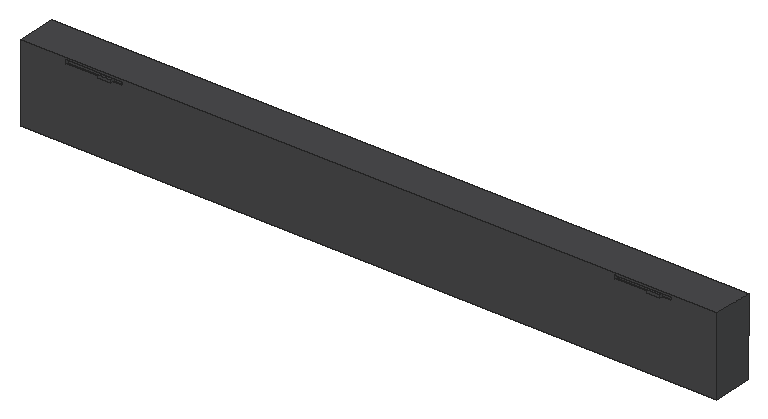
Revit family "DOT BLOCK CEILLING 646_DTSM30W6.1.15", category Luminarias, Revit 2019
Family settings
  Cota de conector redondo = Diámetro de uso
  Tipo de pieza = Normal
  Se basa en plano de trabajo = Sí
  Siempre vertical = Sí
  Corte con vacíos al cargar = No
  Origen de luz = Sí
  Compartido = No
  Punto de cálculo de habitación = No
Parameters (values of type "DOT BLOCK CEILLING 646_DTSM30W6.1.15")
  Ángulo de inclinación = 60.00°
  Zone [instance] = ""
  Watt per fixture = 30
  Wattage = 30 W
  built-in parameter 1150107 = 3000 (stored number, unit not read)
  built-in parameter 1150110 = 1 (stored number, unit not read)
  built-in parameter 1150109 = 1 (stored number, unit not read)
  built-in parameter 1150112 = 1 (stored number, unit not read)
  built-in parameter 1150113 = 1 (stored number, unit not read)
  built-in parameter 1114218 = 1 (stored number, unit not read)
  Keynote = ""
  built-in parameter 1150137 = (empty or 0)
  built-in parameter 1150132 = (empty or 0)
  Modelo = "DTSM30W6.1.15"
  Lámpara = "3030SMD PHILIPS"
  built-in parameter 1150105 = 202.92 (stored number, unit not read)
  built-in parameter 1150102 = (empty or 0)
  built-in parameter 1150106 = 2.0292 (stored number, unit not read)
  Lumens = 2550 lm
  Color Filter = 16777215
  built-in parameter 1114217 = 1 (stored number, unit not read)
  built-in parameter 1150139 = (empty or 0)
  Fabricante = "BRILLANT"
  Default Elevation = 1219.2 mm
  built-in parameter 1150104 = 7.8968 (stored number, unit not read)
  Descripción = "LUMINARIA DOWNLIGHT EN FORMATO RECTANGULAR PARA SOBREPONER DIRECTO EN TECHO, CUERPO DE ALUMINIO ACABADO EN COLOR NEGRO, IP 20, PESO 1.40Kg, TIPO DE LED 3030SMD PHILIPS CON 30W TOTAL, 1400 LUMENES, 85LM/W, IRC 90, TEMPERATURA EN BLANCO CALIDO 3000K, 50 MIL HORAS DE VIDA PROMEDIO, APERTURA DE 15 GRADOS POR PROYECTO, ALIMENTADO A 90-240V"
  built-in parameter 1150115 = 1 (stored number, unit not read)
  built-in parameter 1150114 = 1 (stored number, unit not read)
  Comentarios de vataje = "90-240V"
  built-in parameter 1150138 = (empty or 0)
  built-in parameter 1150134 = (empty or 0)
  Circuit [instance] = ""
  Dimming Lamp Color Temperature Shift = (empty or 0)
  Archivo de red fotométrica = "L646A-30W-830-B-15_IESNA95.IES"
  built-in parameter 1150133 = 10 (stored number, unit not read)
Reference planes
  plane 1 "Centro (Frontal/Posterior)": y = 0
  plane 2: z = 0
  plane 3 "Centro (Izquierda/Derecha)": x = 0
Forms (mm)
  Extrusion 1, solid, material "Default Form", not visible
    sketch origin (0, 0, 0) x (1, 0, 0) y (0, 0, 1)
      loop
        line (-473, 0) -> (-473, -72) -> (473, -72) -> (473, 0) -> (-473, 0)
    from -18.326 to 18.326
  Blend 2, void, not visible
    base sketch origin (-293.63, 0, 0) x (1, 0, 0) y (0, 1, 0)
      loop
        line (-162, 16.149) -> (-162, -16.149) -> (-144.14, -16.149) -> (-144.14, 16.149) -> (-162, 16.149)
    top sketch origin (-293.63, 0, 0) x (1, 0, 0) y (0, 1, 0)
      loop
        line (-160, 12.149) -> (-160, -12.149) -> (-146.14, -12.149) -> (-146.14, 12.149) -> (-160, 12.149)
    from -72 to -61.591
  Blend 3, void, not visible
    base sketch origin (-267.33, 0, 0) x (1, 0, 0) y (0, 1, 0)
      loop
        line (-162, 16.149) -> (-162, -16.149) -> (-144.14, -16.149) -> (-144.14, 16.149) -> (-162, 16.149)
    top sketch origin (-267.33, 0, 0) x (1, 0, 0) y (0, 1, 0)
      loop
        line (-160, 12.149) -> (-160, -12.149) -> (-146.14, -12.149) -> (-146.14, 12.149) -> (-160, 12.149)
    from -72 to -61.591
  Blend 4, void, not visible
    base sketch origin (-241.03, 0, 0) x (1, 0, 0) y (0, 1, 0)
      loop
        line (-162, 16.149) -> (-162, -16.149) -> (-144.14, -16.149) -> (-144.14, 16.149) -> (-162, 16.149)
    top sketch origin (-241.03, 0, 0) x (1, 0, 0) y (0, 1, 0)
      loop
        line (-160, 12.149) -> (-160, -12.149) -> (-146.14, -12.149) -> (-146.14, 12.149) -> (-160, 12.149)
    from -72 to -61.591
  Blend 5, void, not visible
    base sketch origin (-214.73, 0, 0) x (1, 0, 0) y (0, 1, 0)
      loop
        line (-162, 16.149) -> (-162, -16.149) -> (-144.14, -16.149) -> (-144.14, 16.149) -> (-162, 16.149)
    top sketch origin (-214.73, 0, 0) x (1, 0, 0) y (0, 1, 0)
      loop
        line (-160, 12.149) -> (-160, -12.149) -> (-146.14, -12.149) -> (-146.14, 12.149) -> (-160, 12.149)
    from -72 to -61.591
  Blend 6, void, not visible
    base sketch origin (-188.43, 0, 0) x (1, 0, 0) y (0, 1, 0)
      loop
        line (-162, 16.149) -> (-162, -16.149) -> (-144.14, -16.149) -> (-144.14, 16.149) -> (-162, 16.149)
    top sketch origin (-188.43, 0, 0) x (1, 0, 0) y (0, 1, 0)
      loop
        line (-160, 12.149) -> (-160, -12.149) -> (-146.14, -12.149) -> (-146.14, 12.149) -> (-160, 12.149)
    from -72 to -61.591
  Blend 7, void, not visible
    base sketch origin (-162.13, 0, 0) x (1, 0, 0) y (0, 1, 0)
      loop
        line (-162, 16.149) -> (-162, -16.149) -> (-144.14, -16.149) -> (-144.14, 16.149) -> (-162, 16.149)
    top sketch origin (-162.13, 0, 0) x (1, 0, 0) y (0, 1, 0)
      loop
        line (-160, 12.149) -> (-160, -12.149) -> (-146.14, -12.149) -> (-146.14, 12.149) -> (-160, 12.149)
    from -72 to -61.591
  Blend 8, void, not visible
    base sketch origin (-135.83, 0, 0) x (1, 0, 0) y (0, 1, 0)
      loop
        line (-162, 16.149) -> (-162, -16.149) -> (-144.14, -16.149) -> (-144.14, 16.149) -> (-162, 16.149)
    top sketch origin (-135.83, 0, 0) x (1, 0, 0) y (0, 1, 0)
      loop
        line (-160, 12.149) -> (-160, -12.149) -> (-146.14, -12.149) -> (-146.14, 12.149) -> (-160, 12.149)
    from -72 to -61.591
  Blend 9, void, not visible
    base sketch origin (-109.53, 0, 0) x (1, 0, 0) y (0, 1, 0)
      loop
        line (-162, 16.149) -> (-162, -16.149) -> (-144.14, -16.149) -> (-144.14, 16.149) -> (-162, 16.149)
    top sketch origin (-109.53, 0, 0) x (1, 0, 0) y (0, 1, 0)
      loop
        line (-160, 12.149) -> (-160, -12.149) -> (-146.14, -12.149) -> (-146.14, 12.149) -> (-160, 12.149)
    from -72 to -61.591
  Blend 10, void, not visible
    base sketch origin (-83.23, 0, 0) x (1, 0, 0) y (0, 1, 0)
      loop
        line (-162, 16.149) -> (-162, -16.149) -> (-144.14, -16.149) -> (-144.14, 16.149) -> (-162, 16.149)
    top sketch origin (-83.23, 0, 0) x (1, 0, 0) y (0, 1, 0)
      loop
        line (-160, 12.149) -> (-160, -12.149) -> (-146.14, -12.149) -> (-146.14, 12.149) -> (-160, 12.149)
    from -72 to -61.591
  Blend 11, void, not visible
    base sketch origin (-56.93, 0, 0) x (1, 0, 0) y (0, 1, 0)
      loop
        line (-162, 16.149) -> (-162, -16.149) -> (-144.14, -16.149) -> (-144.14, 16.149) -> (-162, 16.149)
    top sketch origin (-56.93, 0, 0) x (1, 0, 0) y (0, 1, 0)
      loop
        line (-160, 12.149) -> (-160, -12.149) -> (-146.14, -12.149) -> (-146.14, 12.149) -> (-160, 12.149)
    from -72 to -61.591
  Blend 12, void, not visible
    base sketch origin (-30.63, 0, 0) x (1, 0, 0) y (0, 1, 0)
      loop
        line (-162, 16.149) -> (-162, -16.149) -> (-144.14, -16.149) -> (-144.14, 16.149) -> (-162, 16.149)
    top sketch origin (-30.63, 0, 0) x (1, 0, 0) y (0, 1, 0)
      loop
        line (-160, 12.149) -> (-160, -12.149) -> (-146.14, -12.149) -> (-146.14, 12.149) -> (-160, 12.149)
    from -72 to -61.591
  Blend 13, void, not visible
    base sketch origin (-4.33, 0, 0) x (1, 0, 0) y (0, 1, 0)
      loop
        line (-162, 16.149) -> (-162, -16.149) -> (-144.14, -16.149) -> (-144.14, 16.149) -> (-162, 16.149)
    top sketch origin (-4.33, 0, 0) x (1, 0, 0) y (0, 1, 0)
      loop
        line (-160, 12.149) -> (-160, -12.149) -> (-146.14, -12.149) -> (-146.14, 12.149) -> (-160, 12.149)
    from -72 to -61.591
  Blend 14, void, not visible
    base sketch origin (21.97, 0, 0) x (1, 0, 0) y (0, 1, 0)
      loop
        line (-162, 16.149) -> (-162, -16.149) -> (-144.14, -16.149) -> (-144.14, 16.149) -> (-162, 16.149)
    top sketch origin (21.97, 0, 0) x (1, 0, 0) y (0, 1, 0)
      loop
        line (-160, 12.149) -> (-160, -12.149) -> (-146.14, -12.149) -> (-146.14, 12.149) -> (-160, 12.149)
    from -72 to -61.591
  Blend 15, void, not visible
    base sketch origin (48.27, 0, 0) x (1, 0, 0) y (0, 1, 0)
      loop
        line (-162, 16.149) -> (-162, -16.149) -> (-144.14, -16.149) -> (-144.14, 16.149) -> (-162, 16.149)
    top sketch origin (48.27, 0, 0) x (1, 0, 0) y (0, 1, 0)
      loop
        line (-160, 12.149) -> (-160, -12.149) -> (-146.14, -12.149) -> (-146.14, 12.149) -> (-160, 12.149)
    from -72 to -61.591
  Blend 16, void, not visible
    base sketch origin (74.57, 0, 0) x (1, 0, 0) y (0, 1, 0)
      loop
        line (-162, 16.149) -> (-162, -16.149) -> (-144.14, -16.149) -> (-144.14, 16.149) -> (-162, 16.149)
    top sketch origin (74.57, 0, 0) x (1, 0, 0) y (0, 1, 0)
      loop
        line (-160, 12.149) -> (-160, -12.149) -> (-146.14, -12.149) -> (-146.14, 12.149) -> (-160, 12.149)
    from -72 to -61.591
  Blend 17, void, not visible
    base sketch origin (100.87, 0, 0) x (1, 0, 0) y (0, 1, 0)
      loop
        line (-162, 16.149) -> (-162, -16.149) -> (-144.14, -16.149) -> (-144.14, 16.149) -> (-162, 16.149)
    top sketch origin (100.87, 0, 0) x (1, 0, 0) y (0, 1, 0)
      loop
        line (-160, 12.149) -> (-160, -12.149) -> (-146.14, -12.149) -> (-146.14, 12.149) -> (-160, 12.149)
    from -72 to -61.591
  Blend 18, void, not visible
    base sketch origin (127.17, 0, 0) x (1, 0, 0) y (0, 1, 0)
      loop
        line (-162, 16.149) -> (-162, -16.149) -> (-144.14, -16.149) -> (-144.14, 16.149) -> (-162, 16.149)
    top sketch origin (127.17, 0, 0) x (1, 0, 0) y (0, 1, 0)
      loop
        line (-160, 12.149) -> (-160, -12.149) -> (-146.14, -12.149) -> (-146.14, 12.149) -> (-160, 12.149)
    from -72 to -61.591
  Blend 19, void, not visible
    base sketch origin (153.47, 0, 0) x (1, 0, 0) y (0, 1, 0)
      loop
        line (-162, 16.149) -> (-162, -16.149) -> (-144.14, -16.149) -> (-144.14, 16.149) -> (-162, 16.149)
    top sketch origin (153.47, 0, 0) x (1, 0, 0) y (0, 1, 0)
      loop
        line (-160, 12.149) -> (-160, -12.149) -> (-146.14, -12.149) -> (-146.14, 12.149) -> (-160, 12.149)
    from -72 to -61.591
  Blend 20, void, not visible
    base sketch origin (179.77, 0, 0) x (1, 0, 0) y (0, 1, 0)
      loop
        line (-162, 16.149) -> (-162, -16.149) -> (-144.14, -16.149) -> (-144.14, 16.149) -> (-162, 16.149)
    top sketch origin (179.77, 0, 0) x (1, 0, 0) y (0, 1, 0)
      loop
        line (-160, 12.149) -> (-160, -12.149) -> (-146.14, -12.149) -> (-146.14, 12.149) -> (-160, 12.149)
    from -72 to -61.591
  Blend 21, void, not visible
    base sketch origin (206.07, 0, 0) x (1, 0, 0) y (0, 1, 0)
      loop
        line (-162, 16.149) -> (-162, -16.149) -> (-144.14, -16.149) -> (-144.14, 16.149) -> (-162, 16.149)
    top sketch origin (206.07, 0, 0) x (1, 0, 0) y (0, 1, 0)
      loop
        line (-160, 12.149) -> (-160, -12.149) -> (-146.14, -12.149) -> (-146.14, 12.149) -> (-160, 12.149)
    from -72 to -61.591
  Blend 22, void, not visible
    base sketch origin (232.37, 0, 0) x (1, 0, 0) y (0, 1, 0)
      loop
        line (-162, 16.149) -> (-162, -16.149) -> (-144.14, -16.149) -> (-144.14, 16.149) -> (-162, 16.149)
    top sketch origin (232.37, 0, 0) x (1, 0, 0) y (0, 1, 0)
      loop
        line (-160, 12.149) -> (-160, -12.149) -> (-146.14, -12.149) -> (-146.14, 12.149) -> (-160, 12.149)
    from -72 to -61.591
  Blend 23, void, not visible
    base sketch origin (258.67, 0, 0) x (1, 0, 0) y (0, 1, 0)
      loop
        line (-162, 16.149) -> (-162, -16.149) -> (-144.14, -16.149) -> (-144.14, 16.149) -> (-162, 16.149)
    top sketch origin (258.67, 0, 0) x (1, 0, 0) y (0, 1, 0)
      loop
        line (-160, 12.149) -> (-160, -12.149) -> (-146.14, -12.149) -> (-146.14, 12.149) -> (-160, 12.149)
    from -72 to -61.591
  Blend 24, void, not visible
    base sketch origin (284.97, 0, 0) x (1, 0, 0) y (0, 1, 0)
      loop
        line (-162, 16.149) -> (-162, -16.149) -> (-144.14, -16.149) -> (-144.14, 16.149) -> (-162, 16.149)
    top sketch origin (284.97, 0, 0) x (1, 0, 0) y (0, 1, 0)
      loop
        line (-160, 12.149) -> (-160, -12.149) -> (-146.14, -12.149) -> (-146.14, 12.149) -> (-160, 12.149)
    from -72 to -61.591
  Blend 25, void, not visible
    base sketch origin (311.27, 0, 0) x (1, 0, 0) y (0, 1, 0)
      loop
        line (-162, 16.149) -> (-162, -16.149) -> (-144.14, -16.149) -> (-144.14, 16.149) -> (-162, 16.149)
    top sketch origin (311.27, 0, 0) x (1, 0, 0) y (0, 1, 0)
      loop
        line (-160, 12.149) -> (-160, -12.149) -> (-146.14, -12.149) -> (-146.14, 12.149) -> (-160, 12.149)
    from -72 to -61.591
  Blend 26, void, not visible
    base sketch origin (337.57, 0, 0) x (1, 0, 0) y (0, 1, 0)
      loop
        line (-162, 16.149) -> (-162, -16.149) -> (-144.14, -16.149) -> (-144.14, 16.149) -> (-162, 16.149)
    top sketch origin (337.57, 0, 0) x (1, 0, 0) y (0, 1, 0)
      loop
        line (-160, 12.149) -> (-160, -12.149) -> (-146.14, -12.149) -> (-146.14, 12.149) -> (-160, 12.149)
    from -72 to -61.591
  Blend 27, void, not visible
    base sketch origin (363.87, 0, 0) x (1, 0, 0) y (0, 1, 0)
      loop
        line (-162, 16.149) -> (-162, -16.149) -> (-144.14, -16.149) -> (-144.14, 16.149) -> (-162, 16.149)
    top sketch origin (363.87, 0, 0) x (1, 0, 0) y (0, 1, 0)
      loop
        line (-160, 12.149) -> (-160, -12.149) -> (-146.14, -12.149) -> (-146.14, 12.149) -> (-160, 12.149)
    from -72 to -61.591
  Blend 28, void, not visible
    base sketch origin (390.17, 0, 0) x (1, 0, 0) y (0, 1, 0)
      loop
        line (-162, 16.149) -> (-162, -16.149) -> (-144.14, -16.149) -> (-144.14, 16.149) -> (-162, 16.149)
    top sketch origin (390.17, 0, 0) x (1, 0, 0) y (0, 1, 0)
      loop
        line (-160, 12.149) -> (-160, -12.149) -> (-146.14, -12.149) -> (-146.14, 12.149) -> (-160, 12.149)
    from -72 to -61.591
  Blend 29, void, not visible
    base sketch origin (416.47, 0, 0) x (1, 0, 0) y (0, 1, 0)
      loop
        line (-162, 16.149) -> (-162, -16.149) -> (-144.14, -16.149) -> (-144.14, 16.149) -> (-162, 16.149)
    top sketch origin (416.47, 0, 0) x (1, 0, 0) y (0, 1, 0)
      loop
        line (-160, 12.149) -> (-160, -12.149) -> (-146.14, -12.149) -> (-146.14, 12.149) -> (-160, 12.149)
    from -72 to -61.591
  Blend 30, void, not visible
    base sketch origin (442.77, 0, 0) x (1, 0, 0) y (0, 1, 0)
      loop
        line (-162, 16.149) -> (-162, -16.149) -> (-144.14, -16.149) -> (-144.14, 16.149) -> (-162, 16.149)
    top sketch origin (442.77, 0, 0) x (1, 0, 0) y (0, 1, 0)
      loop
        line (-160, 12.149) -> (-160, -12.149) -> (-146.14, -12.149) -> (-146.14, 12.149) -> (-160, 12.149)
    from -72 to -61.591
  Blend 31, void, not visible
    base sketch origin (469.07, 0, 0) x (1, 0, 0) y (0, 1, 0)
      loop
        line (-162, 16.149) -> (-162, -16.149) -> (-144.14, -16.149) -> (-144.14, 16.149) -> (-162, 16.149)
    top sketch origin (469.07, 0, 0) x (1, 0, 0) y (0, 1, 0)
      loop
        line (-160, 12.149) -> (-160, -12.149) -> (-146.14, -12.149) -> (-146.14, 12.149) -> (-160, 12.149)
    from -72 to -61.591
  Blend 32, void, not visible
    base sketch origin (495.37, 0, 0) x (1, 0, 0) y (0, 1, 0)
      loop
        line (-162, 16.149) -> (-162, -16.149) -> (-144.14, -16.149) -> (-144.14, 16.149) -> (-162, 16.149)
    top sketch origin (495.37, 0, 0) x (1, 0, 0) y (0, 1, 0)
      loop
        line (-160, 12.149) -> (-160, -12.149) -> (-146.14, -12.149) -> (-146.14, 12.149) -> (-160, 12.149)
    from -72 to -61.591
  Blend 33, void, not visible
    base sketch origin (521.67, 0, 0) x (1, 0, 0) y (0, 1, 0)
      loop
        line (-162, 16.149) -> (-162, -16.149) -> (-144.14, -16.149) -> (-144.14, 16.149) -> (-162, 16.149)
    top sketch origin (521.67, 0, 0) x (1, 0, 0) y (0, 1, 0)
      loop
        line (-160, 12.149) -> (-160, -12.149) -> (-146.14, -12.149) -> (-146.14, 12.149) -> (-160, 12.149)
    from -72 to -61.591
  Blend 34, void, not visible
    base sketch origin (547.97, 0, 0) x (1, 0, 0) y (0, 1, 0)
      loop
        line (-162, 16.149) -> (-162, -16.149) -> (-144.14, -16.149) -> (-144.14, 16.149) -> (-162, 16.149)
    top sketch origin (547.97, 0, 0) x (1, 0, 0) y (0, 1, 0)
      loop
        line (-160, 12.149) -> (-160, -12.149) -> (-146.14, -12.149) -> (-146.14, 12.149) -> (-160, 12.149)
    from -72 to -61.591
  Blend 35, void, not visible
    base sketch origin (574.27, 0, 0) x (1, 0, 0) y (0, 1, 0)
      loop
        line (-162, 16.149) -> (-162, -16.149) -> (-144.14, -16.149) -> (-144.14, 16.149) -> (-162, 16.149)
    top sketch origin (574.27, 0, 0) x (1, 0, 0) y (0, 1, 0)
      loop
        line (-160, 12.149) -> (-160, -12.149) -> (-146.14, -12.149) -> (-146.14, 12.149) -> (-160, 12.149)
    from -72 to -61.591
  Blend 36, void, not visible
    base sketch origin (600.57, 0, 0) x (1, 0, 0) y (0, 1, 0)
      loop
        line (-162, 16.149) -> (-162, -16.149) -> (-144.14, -16.149) -> (-144.14, 16.149) -> (-162, 16.149)
    top sketch origin (600.57, 0, 0) x (1, 0, 0) y (0, 1, 0)
      loop
        line (-160, 12.149) -> (-160, -12.149) -> (-146.14, -12.149) -> (-146.14, 12.149) -> (-160, 12.149)
    from -72 to -61.591
  Extrusion 37, solid, not visible
    sketch origin (-463.861, 0, 3.217) x (0, -1, 0) y (0, 0, -1)
      loop
        line (18.326, 3.217) -> (-18.326, 3.217) -> (-18.326, 73.917) -> (-32.183, 73.917) -> (-32.183, 72.617) -> (-19.626, 72.617) -> (-19.626, 1.917) -> (19.626, 1.917) -> (19.626, 72.617) -> (32.183, 72.617) -> (32.183, 73.917) -> (18.326, 73.917) -> (18.326, 3.217)
    from 89.098 to 128.24
  Extrusion 38, solid, not visible
    sketch origin (-246.523, 0, 3.217) x (0, -1, 0) y (0, 0, 1)
      loop
        line (-19.626, -1.917) -> (19.626, -1.917) -> (19.626, -63.89) -> (20.426, -63.89) -> (20.426, -1.117) -> (-20.426, -1.117) -> (-20.426, -63.89) -> (-19.626, -63.89) -> (-19.626, -1.917)
    from 122.954 to 124.098
  Extrusion 39, solid, not visible
    sketch origin (-463.861, 0, 3.217) x (0, -1, 0) y (0, 0, -1)
      loop
        line (-19.626, 1.917) -> (-19.626, 63.89) -> (-20.426, 63.89) -> (-20.426, 1.117) -> (20.426, 1.117) -> (20.426, 63.89) -> (19.626, 63.89) -> (19.626, 1.917) -> (-19.626, 1.917)
    from 122.954 to 124.098
  Extrusion 40, void, not visible
    sketch origin (0, 0, 0) x (1, 0, 0) y (0, 1, 0)
      loop
        circle (-363.799, -25.904) r 2.055
      loop
        circle (-346.585, -25.904) r 2.055
      loop
        circle (-363.799, 25.904) r 2.055
      loop
        circle (-346.585, 25.904) r 2.055
    from -70.7 to -69.4
  Blend 41, void
    base sketch origin (74.57, 130.851, 72) x (1, 0, 0) y (0, 1, 0)
      loop
        line (-162, -147) -> (-144.14, -147) -> (-144.14, -114.702) -> (-162, -114.702) -> (-162, -147)
    top sketch origin (74.57, 130.851, 72) x (1, 0, 0) y (0, 1, 0)
      loop
        line (-160, -143) -> (-146.14, -143) -> (-146.14, -118.702) -> (-160, -118.702) -> (-160, -143)
    from -72 to -61.591
  Blend 42, void
    base sketch origin (100.87, 130.851, 72) x (1, 0, 0) y (0, 1, 0)
      loop
        line (-162, -147) -> (-144.14, -147) -> (-144.14, -114.702) -> (-162, -114.702) -> (-162, -147)
    top sketch origin (100.87, 130.851, 72) x (1, 0, 0) y (0, 1, 0)
      loop
        line (-160, -143) -> (-146.14, -143) -> (-146.14, -118.702) -> (-160, -118.702) -> (-160, -143)
    from -72 to -61.591
  Blend 43, void
    base sketch origin (127.17, 130.851, 72) x (1, 0, 0) y (0, 1, 0)
      loop
        line (-162, -147) -> (-144.14, -147) -> (-144.14, -114.702) -> (-162, -114.702) -> (-162, -147)
    top sketch origin (127.17, 130.851, 72) x (1, 0, 0) y (0, 1, 0)
      loop
        line (-160, -143) -> (-146.14, -143) -> (-146.14, -118.702) -> (-160, -118.702) -> (-160, -143)
    from -72 to -61.591
  Blend 44, void
    base sketch origin (153.47, 130.851, 72) x (1, 0, 0) y (0, 1, 0)
      loop
        line (-162, -147) -> (-144.14, -147) -> (-144.14, -114.702) -> (-162, -114.702) -> (-162, -147)
    top sketch origin (153.47, 130.851, 72) x (1, 0, 0) y (0, 1, 0)
      loop
        line (-160, -143) -> (-146.14, -143) -> (-146.14, -118.702) -> (-160, -118.702) -> (-160, -143)
    from -72 to -61.591
  Blend 45, void
    base sketch origin (179.77, 130.851, 72) x (1, 0, 0) y (0, 1, 0)
      loop
        line (-162, -147) -> (-144.14, -147) -> (-144.14, -114.702) -> (-162, -114.702) -> (-162, -147)
    top sketch origin (179.77, 130.851, 72) x (1, 0, 0) y (0, 1, 0)
      loop
        line (-160, -143) -> (-146.14, -143) -> (-146.14, -118.702) -> (-160, -118.702) -> (-160, -143)
    from -72 to -61.591
  Blend 46, void
    base sketch origin (206.07, 130.851, 72) x (1, 0, 0) y (0, 1, 0)
      loop
        line (-162, -147) -> (-144.14, -147) -> (-144.14, -114.702) -> (-162, -114.702) -> (-162, -147)
    top sketch origin (206.07, 130.851, 72) x (1, 0, 0) y (0, 1, 0)
      loop
        line (-160, -143) -> (-146.14, -143) -> (-146.14, -118.702) -> (-160, -118.702) -> (-160, -143)
    from -72 to -61.591
  Blend 47, void
    base sketch origin (232.37, 130.851, 72) x (1, 0, 0) y (0, 1, 0)
      loop
        line (-162, -147) -> (-144.14, -147) -> (-144.14, -114.702) -> (-162, -114.702) -> (-162, -147)
    top sketch origin (232.37, 130.851, 72) x (1, 0, 0) y (0, 1, 0)
      loop
        line (-160, -143) -> (-146.14, -143) -> (-146.14, -118.702) -> (-160, -118.702) -> (-160, -143)
    from -72 to -61.591
  Extrusion 48, solid, material "Default Form"
    sketch origin (0, 0, 72) x (1, 0, 0) y (0, 0, -1)
      loop
        line (-323, 0) -> (323, 0) -> (323, 72) -> (-323, 72) -> (-323, 0)
    from -18.326 to 18.326
  Blend 49, void
    base sketch origin (258.67, 130.851, 72) x (1, 0, 0) y (0, 1, 0)
      loop
        line (-162, -147) -> (-144.14, -147) -> (-144.14, -114.702) -> (-162, -114.702) -> (-162, -147)
    top sketch origin (258.67, 130.851, 72) x (1, 0, 0) y (0, 1, 0)
      loop
        line (-160, -143) -> (-146.14, -143) -> (-146.14, -118.702) -> (-160, -118.702) -> (-160, -143)
    from -72 to -61.591
  Blend 50, void
    base sketch origin (284.97, 130.851, 72) x (1, 0, 0) y (0, 1, 0)
      loop
        line (-162, -147) -> (-144.14, -147) -> (-144.14, -114.702) -> (-162, -114.702) -> (-162, -147)
    top sketch origin (284.97, 130.851, 72) x (1, 0, 0) y (0, 1, 0)
      loop
        line (-160, -143) -> (-146.14, -143) -> (-146.14, -118.702) -> (-160, -118.702) -> (-160, -143)
    from -72 to -61.591
  Blend 51, void
    base sketch origin (21.97, 130.851, 72) x (1, 0, 0) y (0, 1, 0)
      loop
        line (-162, -147) -> (-144.14, -147) -> (-144.14, -114.702) -> (-162, -114.702) -> (-162, -147)
    top sketch origin (21.97, 130.851, 72) x (1, 0, 0) y (0, 1, 0)
      loop
        line (-160, -143) -> (-146.14, -143) -> (-146.14, -118.702) -> (-160, -118.702) -> (-160, -143)
    from -72 to -61.591
  Blend 52, void
    base sketch origin (48.27, 130.851, 72) x (1, 0, 0) y (0, 1, 0)
      loop
        line (-162, -147) -> (-144.14, -147) -> (-144.14, -114.702) -> (-162, -114.702) -> (-162, -147)
    top sketch origin (48.27, 130.851, 72) x (1, 0, 0) y (0, 1, 0)
      loop
        line (-160, -143) -> (-146.14, -143) -> (-146.14, -118.702) -> (-160, -118.702) -> (-160, -143)
    from -72 to -61.591
  Extrusion 53, void
    sketch origin (-158.75, 0, 0) x (1, 0, 0) y (0, 1, 0)
      loop
        line (-122.17, -18.326) -> (-69.57, -18.326) -> (-69.57, -16.149) -> (-122.17, -16.149) -> (-122.17, -18.326)
      loop
        line (-122.17, 18.326) -> (-122.17, 16.149) -> (-69.57, 16.149) -> (-69.57, 18.326) -> (-122.17, 18.326)
    from 66.852 to 70.535
  Extrusion 54, solid, material "Default Form"
    sketch origin (125, 0, 0) x (1, 0, 0) y (0, 1, 0)
      loop
        line (146.935, -16.149) -> (145.601, -16.149) -> (145.601, -18.326) -> (135.101, -18.326) -> (135.101, -20.238) -> (146.935, -20.238) -> (146.935, -16.149)
      loop
        line (146.935, 16.149) -> (146.935, 20.238) -> (135.101, 20.238) -> (135.101, 18.326) -> (145.601, 18.326) -> (145.601, 16.149) -> (146.935, 16.149)
      loop
        line (-362.305, -16.149) -> (-363.639, -16.149) -> (-363.639, -18.326) -> (-374.139, -18.326) -> (-374.139, -20.238) -> (-362.305, -20.238) -> (-362.305, -16.149)
      loop
        line (-362.305, 16.149) -> (-362.305, 20.238) -> (-374.139, 20.238) -> (-374.139, 18.326) -> (-363.639, 18.326) -> (-363.639, 16.149) -> (-362.305, 16.149)
    from 67.466 to 69.773
  Extrusion 55, void
    sketch origin (158.75, 0, 0) x (-1, 0, 0) y (0, -1, 0)
      loop
        line (-122.17, 18.326) -> (-122.17, 16.149) -> (-69.57, 16.149) -> (-69.57, 18.326) -> (-122.17, 18.326)
      loop
        line (-122.17, -18.326) -> (-69.57, -18.326) -> (-69.57, -16.149) -> (-122.17, -16.149) -> (-122.17, -18.326)
    from 66.852 to 70.535
  Blend 56, void
    base sketch origin (311.27, 130.851, 72) x (1, 0, 0) y (0, 1, 0)
      loop
        line (-162, -147) -> (-144.14, -147) -> (-144.14, -114.702) -> (-162, -114.702) -> (-162, -147)
    top sketch origin (311.27, 130.851, 72) x (1, 0, 0) y (0, 1, 0)
      loop
        line (-160, -143) -> (-146.14, -143) -> (-146.14, -118.702) -> (-160, -118.702) -> (-160, -143)
    from -72 to -61.591
  Blend 57, void
    base sketch origin (337.57, 130.851, 72) x (1, 0, 0) y (0, 1, 0)
      loop
        line (-162, -147) -> (-144.14, -147) -> (-144.14, -114.702) -> (-162, -114.702) -> (-162, -147)
    top sketch origin (337.57, 130.851, 72) x (1, 0, 0) y (0, 1, 0)
      loop
        line (-160, -143) -> (-146.14, -143) -> (-146.14, -118.702) -> (-160, -118.702) -> (-160, -143)
    from -72 to -61.591
  Blend 58, void
    base sketch origin (363.87, 130.851, 72) x (1, 0, 0) y (0, 1, 0)
      loop
        line (-162, -147) -> (-144.14, -147) -> (-144.14, -114.702) -> (-162, -114.702) -> (-162, -147)
    top sketch origin (363.87, 130.851, 72) x (1, 0, 0) y (0, 1, 0)
      loop
        line (-160, -143) -> (-146.14, -143) -> (-146.14, -118.702) -> (-160, -118.702) -> (-160, -143)
    from -72 to -61.591
  Blend 59, void
    base sketch origin (390.17, 130.851, 72) x (1, 0, 0) y (0, 1, 0)
      loop
        line (-162, -147) -> (-144.14, -147) -> (-144.14, -114.702) -> (-162, -114.702) -> (-162, -147)
    top sketch origin (390.17, 130.851, 72) x (1, 0, 0) y (0, 1, 0)
      loop
        line (-160, -143) -> (-146.14, -143) -> (-146.14, -118.702) -> (-160, -118.702) -> (-160, -143)
    from -72 to -61.591
  Blend 60, void
    base sketch origin (-30.63, 130.851, 72) x (1, 0, 0) y (0, 1, 0)
      loop
        line (-162, -147) -> (-144.14, -147) -> (-144.14, -114.702) -> (-162, -114.702) -> (-162, -147)
    top sketch origin (-30.63, 130.851, 72) x (1, 0, 0) y (0, 1, 0)
      loop
        line (-160, -143) -> (-146.14, -143) -> (-146.14, -118.702) -> (-160, -118.702) -> (-160, -143)
    from -72 to -61.591
  Blend 61, void
    base sketch origin (-4.33, 130.851, 72) x (1, 0, 0) y (0, 1, 0)
      loop
        line (-162, -147) -> (-144.14, -147) -> (-144.14, -114.702) -> (-162, -114.702) -> (-162, -147)
    top sketch origin (-4.33, 130.851, 72) x (1, 0, 0) y (0, 1, 0)
      loop
        line (-160, -143) -> (-146.14, -143) -> (-146.14, -118.702) -> (-160, -118.702) -> (-160, -143)
    from -72 to -61.591
  Blend 62, void
    base sketch origin (-83.23, 130.851, 72) x (1, 0, 0) y (0, 1, 0)
      loop
        line (-162, -147) -> (-144.14, -147) -> (-144.14, -114.702) -> (-162, -114.702) -> (-162, -147)
    top sketch origin (-83.23, 130.851, 72) x (1, 0, 0) y (0, 1, 0)
      loop
        line (-160, -143) -> (-146.14, -143) -> (-146.14, -118.702) -> (-160, -118.702) -> (-160, -143)
    from -72 to -61.591
  Blend 63, void
    base sketch origin (-56.93, 130.851, 72) x (1, 0, 0) y (0, 1, 0)
      loop
        line (-162, -147) -> (-144.14, -147) -> (-144.14, -114.702) -> (-162, -114.702) -> (-162, -147)
    top sketch origin (-56.93, 130.851, 72) x (1, 0, 0) y (0, 1, 0)
      loop
        line (-160, -143) -> (-146.14, -143) -> (-146.14, -118.702) -> (-160, -118.702) -> (-160, -143)
    from -72 to -61.591
Cuts and joins
  Blend 41, Blend 42, Blend 43, Blend 44, Blend 45, Blend 46, Blend 47, Blend 49, Blend 50, Blend 51, Blend 52, Extrusion 53, Extrusion 55, Blend 56, Blend 57, Blend 58, Blend 59, Blend 60, Blend 61, Blend 62, Blend 63 cuts Extrusion 48
  Extrusion 55 cuts Extrusion 54
Dimensions and locks
  cut or joined group 1 (Blend 41, Blend 42, Blend 43, Blend 44, Blend 45, Blend 46, Blend 47, Extrusion 48, Blend 49, Blend 50, Blend 51, Blend 52, Extrusion 53, Extrusion 55, Blend 56, Blend 57, Blend 58, Blend 59, Blend 60, Blend 61, Blend 62, Blend 63) to cut or joined group 1 = 72 mm  (x2)
  cut or joined group 1 to cut or joined group 1 = 36.651 mm
  cut or joined group 1 to cut or joined group 1 = 646 mm
  cut or joined group 1 to cut or joined group 1 = 42.08 mm  (x2)
  aligned and locked: level to plane 2
Connectors
  electrical at (0, 0, 72)
    settings: on cut or joined group 1, index 1, voltage 0 V, apparent load 0 VA, apparent load phase1 0 VA, apparent load phase2 0 VA, apparent load phase3 0 VA, power factor 1, load classification "Otro", number of poles 1, system type 31, power factor state 1, is connector primary yes, connector utility no, sub classification motor no, connector description ""
